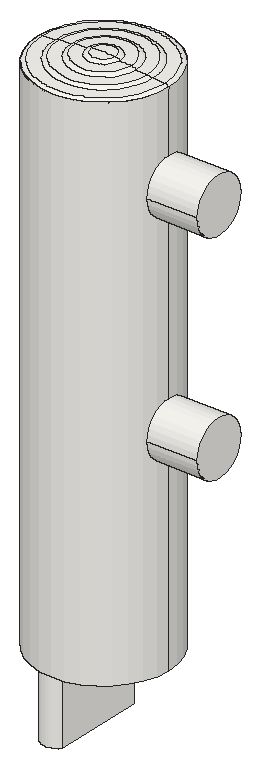
Revit family "DSDR0124_REVIT", category Generic Models, Revit 2017
Family settings
  Can host rebar = No
  Round Connector Dimension = Use Diameter
  Part Type = Normal
  Work Plane-Based = No
  Always vertical = Yes
  Cut with Voids When Loaded = No
  Shared = No
  Room Calculation Point = No
Parameters
  Website = "https://dolphy.in/"  # constant formula
  Model = "DSDR0124"  # constant formula
  Contact number = "+91 9520202035"  # constant formula
  Contact email = "info@dolphy.in"  # constant formula
  Company name = "Dolphy India"  # constant formula
Reference planes
  plane 1 "Center (Front/Back)": y = 0
  plane 2: z = 0
  plane 3 "Center (Left/Right)": x = 0
Forms (mm)
  Extrusion 1, solid, material "Silver"
    sketch origin (0, 0, 0) x (1, 0, 0) y (0, 1, 0)
      loop
        circle (0, 0) r 30
    from 0 to 240
  Extrusion 2, solid, material "Silver"
    sketch origin (-6.562, -10.313, 0) x (1, 0, 0) y (0, 1, 0)
      loop
        line (3.299, 31.954) -> (-2.741, 31.954)
        arc (-2.741, 31.954) -> (-5.568, 31.261) -> (-7.755, 29.34) r 6.116
        spline (-7.755, 29.34) -> (-9.956, 26.043) -> (-11.756, 22.763) -> (-13.157, 19.499) -> (-14.157, 16.251) -> (-14.757, 13.019) -> (-14.957, 9.803) -> (-14.757, 6.604) -> (-14.157, 3.42) -> (-13.157, 0.252) -> (-11.756, -2.899) -> (-9.956, -6.035) -> (-7.755, -9.154)
        arc (-7.755, -9.154) -> (-2.218, -11.976) -> (3.299, -9.113) r 6.796
        line (3.299, -9.113) -> (3.299, 31.954)
    from 0 to -35
  Revolve 3, solid, material "Silver"
    sketch origin (0, 0, 0) x (1, 0, 0) y (0, 0, 1)
      loop
        line (0, 240) -> (0, 244.012)
        arc (0, 244.012) -> (-2.651, 243.988) -> (-5.297, 243.814) r 46.551
        arc (-5.297, 243.814) -> (-6.458, 243.578) -> (-7.5, 243.012) r 4.003
        arc (-7.5, 243.012) -> (-10.151, 242.988) -> (-12.797, 242.814) r 46.551
        arc (-12.797, 242.814) -> (-13.958, 242.578) -> (-15, 242.012) r 4.003
        arc (-15, 242.012) -> (-17.651, 241.988) -> (-20.297, 241.814) r 46.551
        arc (-20.297, 241.814) -> (-21.458, 241.578) -> (-22.5, 241.012) r 4.003
        arc (-22.5, 241.012) -> (-25.243, 241.006) -> (-27.977, 240.777) r 33.566
        arc (-27.977, 240.777) -> (-29.059, 240.573) -> (-30, 240) r 3.069
        line (-30, 240) -> (0, 240)
      axis (0, 244.012) -> (0, 240)
    angle from 0 to 360
  Extrusion 4, solid, material "Silver"
    sketch origin (-22.742, 0, 0) x (0, 1, 0) y (0, 0, 1)
      loop
        circle (0, 199.572) r 12.5
    from 52.744 to 75.623
  Extrusion 5, solid, material "Silver"
    sketch origin (-22.742, 0, 0) x (0, 1, 0) y (0, 0, 1)
      loop
        circle (0, 99.623) r 12.5
    from 52.744 to 75.623
Dimensions and locks
  radius of Extrusion 1 sketch curve = 30 mm
  aligned and locked: level to plane 2
  aligned and locked: Extrusion 2 to Extrusion 1
  aligned and locked: Extrusion 5 to Extrusion 4
  aligned and locked: Extrusion 4 to Extrusion 5
Automatic sketch dimensions
  Extrusion 1 sketch curve to plane 3 "Center (Left/Right)" = 0 mm
  plane 1 "Center (Front/Back)" to Extrusion 1 sketch curve = 0 mm
  Extrusion 2 sketch curve to plane 3 "Center (Left/Right)" = 14.318 mm
  Extrusion 2 sketch curve to plane 1 "Center (Front/Back)" = 21.642 mm
  Extrusion 2 sketch curve to Extrusion 2 sketch curve = 5.015 mm
  Extrusion 2 sketch curve to Extrusion 2 sketch curve = 5.513 mm
  Extrusion 2 sketch curve to plane 3 "Center (Left/Right)" = 3.263 mm
  Extrusion 2 sketch curve to plane 1 "Center (Front/Back)" = 19.027 mm
  Extrusion 2 sketch curve to Extrusion 2 sketch curve = 31.017 mm
  Extrusion 2 sketch curve to Extrusion 2 sketch curve = 3.934 mm
  plane 1 "Center (Front/Back)" to Extrusion 4 sketch curve = 0 mm
  level to Extrusion 4 sketch curve = 199.572 mm
  plane 1 "Center (Front/Back)" to Extrusion 5 sketch curve = 0 mm
  level to Extrusion 5 sketch curve = 99.623 mm
  Revolve 3 sketch curve to plane 3 "Center (Left/Right)" = 0 mm  (x2)
  Revolve 3 sketch curve to plane 3 "Center (Left/Right)" = 0.912 mm
  Revolve 3 sketch curve to plane 3 "Center (Left/Right)" = 5.089 mm
  Revolve 3 sketch curve to Revolve 3 sketch curve = 7.5 mm  (x3)
  Revolve 3 sketch curve to Revolve 3 sketch curve = 5.089 mm
  Revolve 3 sketch curve to Revolve 3 sketch curve = 7.891 mm
  Revolve 3 sketch curve to Revolve 3 sketch curve = 7.87 mm
  Revolve 3 sketch curve to Revolve 3 sketch curve = 2.041 mm
  level to Revolve 3 sketch curve = 195.47 mm
  Revolve 3 sketch curve to Revolve 3 sketch curve = 1 mm  (x4)
  Revolve 3 sketch curve to Revolve 3 sketch curve = 12.001 mm
  Revolve 3 sketch curve to Revolve 3 sketch curve = 0.108 mm
  Revolve 3 sketch curve to Revolve 3 sketch curve = 0.184 mm
  Revolve 3 sketch curve to Revolve 3 sketch curve = 4.012 mm
  Revolve 3 sketch curve to Revolve 3 sketch curve = 2.203 mm  (x3)
  Revolve 3 sketch curve to Revolve 3 sketch curve = 0.207 mm  (x2)
  Revolve 3 sketch curve to level = 366.045 mm
  Revolve 3 sketch curve to Revolve 3 sketch curve = 1970.303 mm
  Revolve 3 sketch curve to Revolve 3 sketch curve = 22.87 mm
  Revolve 3 sketch curve to Revolve 3 sketch curve = 2.023 mm
  radius of Extrusion 4 sketch curve = 12.5 mm
  radius of Extrusion 5 sketch curve = 12.5 mm
